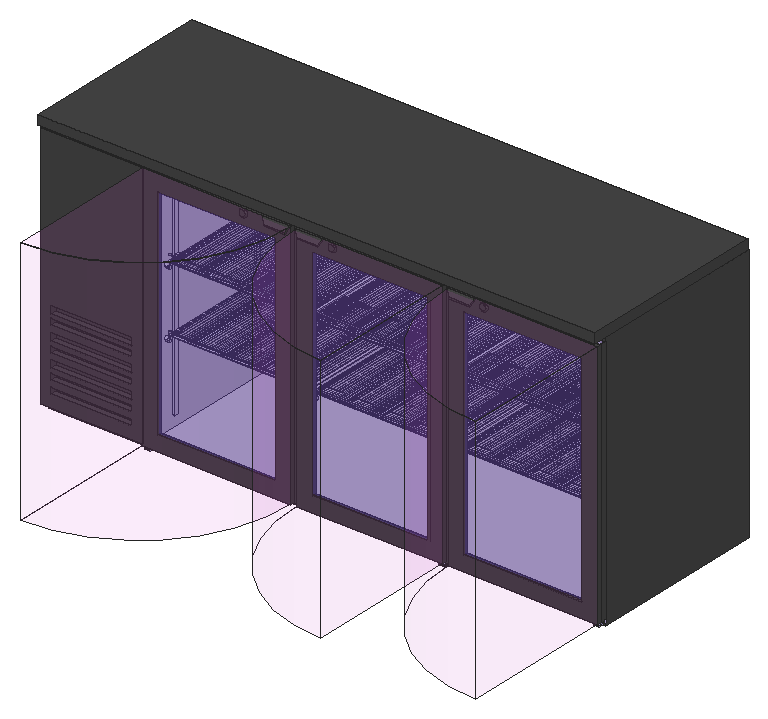
Revit family "QF_True_TBB24-72-3G-Z1-BST-B-1_Glass_Swing_Door_Back_Bar", category Specialty Equipment, Revit 2021 (continued)
Definition of nested family "TBB24-72-3G-Z1-BST-B-1"
  Forms (in)
    Extrusion 198, solid
      sketch origin (35.9745, 0, -8.5) x (1, 0, 0) y (0, 0, 1)
        loop
          circle (14.90115, 21.72801) r 0.03267
      from 4.97058 to 21.84523
    Extrusion 199, solid
      sketch origin (37.5051, 0, -8.5) x (1, 0, 0) y (0, 0, 1)
        loop
          circle (14.90115, 21.72801) r 0.03267
      from 4.97058 to 21.84523
    Extrusion 200, solid
      sketch origin (55.08845, 0, -8.5) x (1, 0, 0) y (0, 0, 1)
        loop
          circle (14.90115, 21.72801) r 0.03267
      from 4.97058 to 21.84523
    Extrusion 201, solid
      sketch origin (37.86394, 0, -8.5) x (1, 0, 0) y (0, 0, 1)
        loop
          circle (14.90115, 21.72801) r 0.03267
      from 4.97058 to 21.84523
    Extrusion 202, solid
      sketch origin (38.22279, 0, -8.5) x (1, 0, 0) y (0, 0, 1)
        loop
          circle (14.90115, 21.72801) r 0.03267
      from 4.97058 to 21.84523
    Extrusion 203, solid
      sketch origin (38.58163, 0, -8.5) x (1, 0, 0) y (0, 0, 1)
        loop
          circle (14.90115, 21.72801) r 0.03267
      from 4.97058 to 21.84523
    Extrusion 204, solid
      sketch origin (38.94047, 0, -8.5) x (1, 0, 0) y (0, 0, 1)
        loop
          circle (14.90115, 21.72801) r 0.03267
      from 4.97058 to 21.84523
    Extrusion 205, solid
      sketch origin (39.29932, 0, -8.5) x (1, 0, 0) y (0, 0, 1)
        loop
          circle (14.90115, 21.72801) r 0.03267
      from 4.97058 to 21.84523
    Extrusion 206, solid
      sketch origin (39.65816, 0, -8.5) x (1, 0, 0) y (0, 0, 1)
        loop
          circle (14.90115, 21.72801) r 0.03267
      from 4.97058 to 21.84523
    Extrusion 207, solid
      sketch origin (40.01701, 0, -8.5) x (1, 0, 0) y (0, 0, 1)
        loop
          circle (14.90115, 21.72801) r 0.03267
      from 4.97058 to 21.84523
    Extrusion 208, solid
      sketch origin (40.37585, 0, -8.5) x (1, 0, 0) y (0, 0, 1)
        loop
          circle (14.90115, 21.72801) r 0.03267
      from 4.97058 to 21.84523
    Extrusion 209, solid
      sketch origin (40.73469, 0, -8.5) x (1, 0, 0) y (0, 0, 1)
        loop
          circle (14.90115, 21.72801) r 0.03267
      from 4.97058 to 21.84523
    Extrusion 210, solid
      sketch origin (41.09354, 0, -8.5) x (1, 0, 0) y (0, 0, 1)
        loop
          circle (14.90115, 21.72801) r 0.03267
      from 4.97058 to 21.84523
    Extrusion 211, solid
      sketch origin (41.45238, 0, -8.5) x (1, 0, 0) y (0, 0, 1)
        loop
          circle (14.90115, 21.72801) r 0.03267
      from 4.97058 to 21.84523
    Extrusion 212, solid
      sketch origin (41.81122, 0, -8.5) x (1, 0, 0) y (0, 0, 1)
        loop
          circle (14.90115, 21.72801) r 0.03267
      from 4.97058 to 21.84523
    Extrusion 213, solid
      sketch origin (42.17007, 0, -8.5) x (1, 0, 0) y (0, 0, 1)
        loop
          circle (14.90115, 21.72801) r 0.03267
      from 4.97058 to 21.84523
    Extrusion 214, solid
      sketch origin (42.52891, 0, -8.5) x (1, 0, 0) y (0, 0, 1)
        loop
          circle (14.90115, 21.72801) r 0.03267
      from 4.97058 to 21.84523
    Extrusion 215, solid
      sketch origin (42.88776, 0, -8.5) x (1, 0, 0) y (0, 0, 1)
        loop
          circle (14.90115, 21.72801) r 0.03267
      from 4.97058 to 21.84523
    Extrusion 216, solid
      sketch origin (43.2466, 0, -8.5) x (1, 0, 0) y (0, 0, 1)
        loop
          circle (14.90115, 21.72801) r 0.03267
      from 4.97058 to 21.84523
    Extrusion 217, solid
      sketch origin (43.60544, 0, -8.5) x (1, 0, 0) y (0, 0, 1)
        loop
          circle (14.90115, 21.72801) r 0.03267
      from 4.97058 to 21.84523
    Extrusion 218, solid
      sketch origin (43.96429, 0, -8.5) x (1, 0, 0) y (0, 0, 1)
        loop
          circle (14.90115, 21.72801) r 0.03267
      from 4.97058 to 21.84523
    Extrusion 219, solid
      sketch origin (44.32313, 0, -8.5) x (1, 0, 0) y (0, 0, 1)
        loop
          circle (14.90115, 21.72801) r 0.03267
      from 4.97058 to 21.84523
    Extrusion 220, solid
      sketch origin (44.68198, 0, -8.5) x (1, 0, 0) y (0, 0, 1)
        loop
          circle (14.90115, 21.72801) r 0.03267
      from 4.97058 to 21.84523
    Extrusion 221, solid
      sketch origin (45.04082, 0, -8.5) x (1, 0, 0) y (0, 0, 1)
        loop
          circle (14.90115, 21.72801) r 0.03267
      from 4.97058 to 21.84523
    Extrusion 222, solid
      sketch origin (45.39966, 0, -8.5) x (1, 0, 0) y (0, 0, 1)
        loop
          circle (14.90115, 21.72801) r 0.03267
      from 4.97058 to 21.84523
    Extrusion 223, solid
      sketch origin (45.75851, 0, -8.5) x (1, 0, 0) y (0, 0, 1)
        loop
          circle (14.90115, 21.72801) r 0.03267
      from 4.97058 to 21.84523
    Extrusion 224, solid
      sketch origin (46.11735, 0, -8.5) x (1, 0, 0) y (0, 0, 1)
        loop
          circle (14.90115, 21.72801) r 0.03267
      from 4.97058 to 21.84523
    Extrusion 225, solid
      sketch origin (46.47619, 0, -8.5) x (1, 0, 0) y (0, 0, 1)
        loop
          circle (14.90115, 21.72801) r 0.03267
      from 4.97058 to 21.84523
    Extrusion 226, solid
      sketch origin (46.83504, 0, -8.5) x (1, 0, 0) y (0, 0, 1)
        loop
          circle (14.90115, 21.72801) r 0.03267
      from 4.97058 to 21.84523
    Extrusion 227, solid
      sketch origin (47.19388, 0, -8.5) x (1, 0, 0) y (0, 0, 1)
        loop
          circle (14.90115, 21.72801) r 0.03267
      from 4.97058 to 21.84523
    Extrusion 228, solid
      sketch origin (47.55273, 0, -8.5) x (1, 0, 0) y (0, 0, 1)
        loop
          circle (14.90115, 21.72801) r 0.03267
      from 4.97058 to 21.84523
    Extrusion 229, solid
      sketch origin (47.91157, 0, -8.5) x (1, 0, 0) y (0, 0, 1)
        loop
          circle (14.90115, 21.72801) r 0.03267
      from 4.97058 to 21.84523
    Extrusion 230, solid
      sketch origin (48.27041, 0, -8.5) x (1, 0, 0) y (0, 0, 1)
        loop
          circle (14.90115, 21.72801) r 0.03267
      from 4.97058 to 21.84523
    Extrusion 231, solid
      sketch origin (48.62926, 0, -8.5) x (1, 0, 0) y (0, 0, 1)
        loop
          circle (14.90115, 21.72801) r 0.03267
      from 4.97058 to 21.84523
    Extrusion 232, solid
      sketch origin (48.9881, 0, -8.5) x (1, 0, 0) y (0, 0, 1)
        loop
          circle (14.90115, 21.72801) r 0.03267
      from 4.97058 to 21.84523
    Extrusion 233, solid
      sketch origin (49.34695, 0, -8.5) x (1, 0, 0) y (0, 0, 1)
        loop
          circle (14.90115, 21.72801) r 0.03267
      from 4.97058 to 21.84523
    Extrusion 234, solid
      sketch origin (49.70579, 0, -8.5) x (1, 0, 0) y (0, 0, 1)
        loop
          circle (14.90115, 21.72801) r 0.03267
      from 4.97058 to 21.84523
    Extrusion 235, solid
      sketch origin (50.06463, 0, -8.5) x (1, 0, 0) y (0, 0, 1)
        loop
          circle (14.90115, 21.72801) r 0.03267
      from 4.97058 to 21.84523
    Extrusion 236, solid
      sketch origin (50.42348, 0, -8.5) x (1, 0, 0) y (0, 0, 1)
        loop
          circle (14.90115, 21.72801) r 0.03267
      from 4.97058 to 21.84523
    Extrusion 237, solid
      sketch origin (50.78232, 0, -8.5) x (1, 0, 0) y (0, 0, 1)
        loop
          circle (14.90115, 21.72801) r 0.03267
      from 4.97058 to 21.84523
    Extrusion 238, solid
      sketch origin (51.14116, 0, -8.5) x (1, 0, 0) y (0, 0, 1)
        loop
          circle (14.90115, 21.72801) r 0.03267
      from 4.97058 to 21.84523
    Extrusion 239, solid
      sketch origin (51.50001, 0, -8.5) x (1, 0, 0) y (0, 0, 1)
        loop
          circle (14.90115, 21.72801) r 0.03267
      from 4.97058 to 21.84523
    Extrusion 240, solid
      sketch origin (51.85885, 0, -8.5) x (1, 0, 0) y (0, 0, 1)
        loop
          circle (14.90115, 21.72801) r 0.03267
      from 4.97058 to 21.84523
    Extrusion 241, solid
      sketch origin (52.2177, 0, -8.5) x (1, 0, 0) y (0, 0, 1)
        loop
          circle (14.90115, 21.72801) r 0.03267
      from 4.97058 to 21.84523
    Extrusion 242, solid
      sketch origin (52.57654, 0, -8.5) x (1, 0, 0) y (0, 0, 1)
        loop
          circle (14.90115, 21.72801) r 0.03267
      from 4.97058 to 21.84523
    Extrusion 243, solid
      sketch origin (52.93538, 0, -8.5) x (1, 0, 0) y (0, 0, 1)
        loop
          circle (14.90115, 21.72801) r 0.03267
      from 4.97058 to 21.84523
    Extrusion 244, solid
      sketch origin (53.29423, 0, -8.5) x (1, 0, 0) y (0, 0, 1)
        loop
          circle (14.90115, 21.72801) r 0.03267
      from 4.97058 to 21.84523
    Extrusion 245, solid
      sketch origin (53.65307, 0, -8.5) x (1, 0, 0) y (0, 0, 1)
        loop
          circle (14.90115, 21.72801) r 0.03267
      from 4.97058 to 21.84523
    Extrusion 246, solid
      sketch origin (54.01191, 0, -8.5) x (1, 0, 0) y (0, 0, 1)
        loop
          circle (14.90115, 21.72801) r 0.03267
      from 4.97058 to 21.84523
    Extrusion 247, solid
      sketch origin (54.37076, 0, -8.5) x (1, 0, 0) y (0, 0, 1)
        loop
          circle (14.90115, 21.72801) r 0.03267
      from 4.97058 to 21.84523
    Extrusion 248, solid
      sketch origin (54.7296, 0, -8.5) x (1, 0, 0) y (0, 0, 1)
        loop
          circle (14.90115, 21.72801) r 0.03267
      from 4.97058 to 21.84523
    Extrusion 249, solid
      sketch origin (18.7788, 0, 0) x (1, 0, 0) y (0, 0, 1)
        loop
          circle (14.90115, 21.72801) r 0.03267
      from 4.97058 to 21.86282
    Extrusion 250, solid
      sketch origin (36.36215, 0, 0) x (1, 0, 0) y (0, 0, 1)
        loop
          circle (14.90115, 21.72801) r 0.03267
      from 4.97058 to 21.86282
    Extrusion 251, solid
      sketch origin (19.13764, 0, 0) x (1, 0, 0) y (0, 0, 1)
        loop
          circle (14.90115, 21.72801) r 0.03267
      from 4.97058 to 21.86282
    Extrusion 252, solid
      sketch origin (19.49649, 0, 0) x (1, 0, 0) y (0, 0, 1)
        loop
          circle (14.90115, 21.72801) r 0.03267
      from 4.97058 to 21.86282
    Extrusion 253, solid
      sketch origin (19.85533, 0, 0) x (1, 0, 0) y (0, 0, 1)
        loop
          circle (14.90115, 21.72801) r 0.03267
      from 4.97058 to 21.86282
    Extrusion 254, solid
      sketch origin (20.21417, 0, 0) x (1, 0, 0) y (0, 0, 1)
        loop
          circle (14.90115, 21.72801) r 0.03267
      from 4.97058 to 21.86282
    Extrusion 255, solid
      sketch origin (20.57302, 0, 0) x (1, 0, 0) y (0, 0, 1)
        loop
          circle (14.90115, 21.72801) r 0.03267
      from 4.97058 to 21.86282
    Extrusion 256, solid
      sketch origin (20.93186, 0, 0) x (1, 0, 0) y (0, 0, 1)
        loop
          circle (14.90115, 21.72801) r 0.03267
      from 4.97058 to 21.86282
    Extrusion 257, solid
      sketch origin (21.29071, 0, 0) x (1, 0, 0) y (0, 0, 1)
        loop
          circle (14.90115, 21.72801) r 0.03267
      from 4.97058 to 21.86282
    Extrusion 258, solid
      sketch origin (21.64955, 0, 0) x (1, 0, 0) y (0, 0, 1)
        loop
          circle (14.90115, 21.72801) r 0.03267
      from 4.97058 to 21.86282
    Extrusion 259, solid
      sketch origin (22.00839, 0, 0) x (1, 0, 0) y (0, 0, 1)
        loop
          circle (14.90115, 21.72801) r 0.03267
      from 4.97058 to 21.86282
    Extrusion 260, solid
      sketch origin (22.36724, 0, 0) x (1, 0, 0) y (0, 0, 1)
        loop
          circle (14.90115, 21.72801) r 0.03267
      from 4.97058 to 21.86282
    Extrusion 261, solid
      sketch origin (22.72608, 0, 0) x (1, 0, 0) y (0, 0, 1)
        loop
          circle (14.90115, 21.72801) r 0.03267
      from 4.97058 to 21.86282
    Extrusion 262, solid
      sketch origin (23.08493, 0, 0) x (1, 0, 0) y (0, 0, 1)
        loop
          circle (14.90115, 21.72801) r 0.03267
      from 4.97058 to 21.86282
    Extrusion 263, solid
      sketch origin (23.44377, 0, 0) x (1, 0, 0) y (0, 0, 1)
        loop
          circle (14.90115, 21.72801) r 0.03267
      from 4.97058 to 21.86282
    Extrusion 264, solid
      sketch origin (23.80261, 0, 0) x (1, 0, 0) y (0, 0, 1)
        loop
          circle (14.90115, 21.72801) r 0.03267
      from 4.97058 to 21.86282
    Extrusion 265, solid
      sketch origin (24.16146, 0, 0) x (1, 0, 0) y (0, 0, 1)
        loop
          circle (14.90115, 21.72801) r 0.03267
      from 4.97058 to 21.86282
    Extrusion 266, solid
      sketch origin (24.5203, 0, 0) x (1, 0, 0) y (0, 0, 1)
        loop
          circle (14.90115, 21.72801) r 0.03267
      from 4.97058 to 21.86282
    Extrusion 267, solid
      sketch origin (24.87914, 0, 0) x (1, 0, 0) y (0, 0, 1)
        loop
          circle (14.90115, 21.72801) r 0.03267
      from 4.97058 to 21.86282
    Extrusion 268, solid
      sketch origin (25.23799, 0, 0) x (1, 0, 0) y (0, 0, 1)
        loop
          circle (14.90115, 21.72801) r 0.03267
      from 4.97058 to 21.86282
    Extrusion 269, solid
      sketch origin (25.59683, 0, 0) x (1, 0, 0) y (0, 0, 1)
        loop
          circle (14.90115, 21.72801) r 0.03267
      from 4.97058 to 21.86282
    Extrusion 270, solid
      sketch origin (25.95568, 0, 0) x (1, 0, 0) y (0, 0, 1)
        loop
          circle (14.90115, 21.72801) r 0.03267
      from 4.97058 to 21.86282
    Extrusion 271, solid
      sketch origin (26.31452, 0, 0) x (1, 0, 0) y (0, 0, 1)
        loop
          circle (14.90115, 21.72801) r 0.03267
      from 4.97058 to 21.86282
    Extrusion 272, solid
      sketch origin (26.67336, 0, 0) x (1, 0, 0) y (0, 0, 1)
        loop
          circle (14.90115, 21.72801) r 0.03267
      from 4.97058 to 21.86282
    Extrusion 273, solid
      sketch origin (27.03221, 0, 0) x (1, 0, 0) y (0, 0, 1)
        loop
          circle (14.90115, 21.72801) r 0.03267
      from 4.97058 to 21.86282
    Extrusion 274, solid
      sketch origin (27.39105, 0, 0) x (1, 0, 0) y (0, 0, 1)
        loop
          circle (14.90115, 21.72801) r 0.03267
      from 4.97058 to 21.86282
    Extrusion 275, solid
      sketch origin (27.7499, 0, 0) x (1, 0, 0) y (0, 0, 1)
        loop
          circle (14.90115, 21.72801) r 0.03267
      from 4.97058 to 21.86282
    Extrusion 276, solid
      sketch origin (28.10874, 0, 0) x (1, 0, 0) y (0, 0, 1)
        loop
          circle (14.90115, 21.72801) r 0.03267
      from 4.97058 to 21.86282
    Extrusion 277, solid
      sketch origin (28.46758, 0, 0) x (1, 0, 0) y (0, 0, 1)
        loop
          circle (14.90115, 21.72801) r 0.03267
      from 4.97058 to 21.86282
    Extrusion 278, solid
      sketch origin (28.82643, 0, 0) x (1, 0, 0) y (0, 0, 1)
        loop
          circle (14.90115, 21.72801) r 0.03267
      from 4.97058 to 21.86282
    Extrusion 279, solid
      sketch origin (29.18527, 0, 0) x (1, 0, 0) y (0, 0, 1)
        loop
          circle (14.90115, 21.72801) r 0.03267
      from 4.97058 to 21.86282
    Extrusion 280, solid
      sketch origin (29.54411, 0, 0) x (1, 0, 0) y (0, 0, 1)
        loop
          circle (14.90115, 21.72801) r 0.03267
      from 4.97058 to 21.86282
    Extrusion 281, solid
      sketch origin (29.90296, 0, 0) x (1, 0, 0) y (0, 0, 1)
        loop
          circle (14.90115, 21.72801) r 0.03267
      from 4.97058 to 21.86282
    Extrusion 282, solid
      sketch origin (30.2618, 0, 0) x (1, 0, 0) y (0, 0, 1)
        loop
          circle (14.90115, 21.72801) r 0.03267
      from 4.97058 to 21.86282
    Extrusion 283, solid
      sketch origin (30.62065, 0, 0) x (1, 0, 0) y (0, 0, 1)
        loop
          circle (14.90115, 21.72801) r 0.03267
      from 4.97058 to 21.86282
    Extrusion 284, solid
      sketch origin (30.97949, 0, 0) x (1, 0, 0) y (0, 0, 1)
        loop
          circle (14.90115, 21.72801) r 0.03267
      from 4.97058 to 21.86282
    Extrusion 285, solid
      sketch origin (31.33833, 0, 0) x (1, 0, 0) y (0, 0, 1)
        loop
          circle (14.90115, 21.72801) r 0.03267
      from 4.97058 to 21.86282
    Extrusion 286, solid
      sketch origin (31.69718, 0, 0) x (1, 0, 0) y (0, 0, 1)
        loop
          circle (14.90115, 21.72801) r 0.03267
      from 4.97058 to 21.86282
    Extrusion 287, solid
      sketch origin (32.05602, 0, 0) x (1, 0, 0) y (0, 0, 1)
        loop
          circle (14.90115, 21.72801) r 0.03267
      from 4.97058 to 21.86282
    Extrusion 288, solid
      sketch origin (32.41486, 0, 0) x (1, 0, 0) y (0, 0, 1)
        loop
          circle (14.90115, 21.72801) r 0.03267
      from 4.97058 to 21.86282
    Extrusion 289, solid
      sketch origin (32.77371, 0, 0) x (1, 0, 0) y (0, 0, 1)
        loop
          circle (14.90115, 21.72801) r 0.03267
      from 4.97058 to 21.86282
    Extrusion 290, solid
      sketch origin (33.13255, 0, 0) x (1, 0, 0) y (0, 0, 1)
        loop
          circle (14.90115, 21.72801) r 0.03267
      from 4.97058 to 21.86282
    Extrusion 291, solid
      sketch origin (33.4914, 0, 0) x (1, 0, 0) y (0, 0, 1)
        loop
          circle (14.90115, 21.72801) r 0.03267
      from 4.97058 to 21.86282
    Extrusion 292, solid
      sketch origin (33.85024, 0, 0) x (1, 0, 0) y (0, 0, 1)
        loop
          circle (14.90115, 21.72801) r 0.03267
      from 4.97058 to 21.86282
    Extrusion 293, solid
      sketch origin (34.20908, 0, 0) x (1, 0, 0) y (0, 0, 1)
        loop
          circle (14.90115, 21.72801) r 0.03267
      from 4.97058 to 21.86282
    Extrusion 294, solid
      sketch origin (34.56793, 0, 0) x (1, 0, 0) y (0, 0, 1)
        loop
          circle (14.90115, 21.72801) r 0.03267
      from 4.97058 to 21.86282
    Extrusion 295, solid
      sketch origin (34.92677, 0, 0) x (1, 0, 0) y (0, 0, 1)
        loop
          circle (14.90115, 21.72801) r 0.03267
      from 4.97058 to 21.86282
    Extrusion 296, solid
      sketch origin (35.28562, 0, 0) x (1, 0, 0) y (0, 0, 1)
        loop
          circle (14.90115, 21.72801) r 0.03267
      from 4.97058 to 21.86282
    Extrusion 297, solid
      sketch origin (35.64446, 0, 0) x (1, 0, 0) y (0, 0, 1)
        loop
          circle (14.90115, 21.72801) r 0.03267
      from 4.97058 to 21.86282
    Extrusion 298, solid
      sketch origin (36.0033, 0, 0) x (1, 0, 0) y (0, 0, 1)
        loop
          circle (14.90115, 21.72801) r 0.03267
      from 4.97058 to 21.86282
    Extrusion 299, solid
      sketch origin (37.5051, 0, 0) x (1, 0, 0) y (0, 0, 1)
        loop
          circle (14.90115, 21.72801) r 0.03267
      from 4.97058 to 21.86282
    Extrusion 300, solid
      sketch origin (55.08845, 0, 0) x (1, 0, 0) y (0, 0, 1)
        loop
          circle (14.90115, 21.72801) r 0.03267
      from 4.97058 to 21.86282
    Extrusion 301, solid
      sketch origin (37.86394, 0, 0) x (1, 0, 0) y (0, 0, 1)
        loop
          circle (14.90115, 21.72801) r 0.03267
      from 4.97058 to 21.86282
    Extrusion 302, solid
      sketch origin (38.22279, 0, 0) x (1, 0, 0) y (0, 0, 1)
        loop
          circle (14.90115, 21.72801) r 0.03267
      from 4.97058 to 21.86282
    Extrusion 303, solid
      sketch origin (38.58163, 0, 0) x (1, 0, 0) y (0, 0, 1)
        loop
          circle (14.90115, 21.72801) r 0.03267
      from 4.97058 to 21.86282
    Extrusion 304, solid
      sketch origin (38.94047, 0, 0) x (1, 0, 0) y (0, 0, 1)
        loop
          circle (14.90115, 21.72801) r 0.03267
      from 4.97058 to 21.86282
    Extrusion 305, solid
      sketch origin (39.29932, 0, 0) x (1, 0, 0) y (0, 0, 1)
        loop
          circle (14.90115, 21.72801) r 0.03267
      from 4.97058 to 21.86282
    Extrusion 306, solid
      sketch origin (39.65816, 0, 0) x (1, 0, 0) y (0, 0, 1)
        loop
          circle (14.90115, 21.72801) r 0.03267
      from 4.97058 to 21.86282
    Extrusion 307, solid
      sketch origin (40.01701, 0, 0) x (1, 0, 0) y (0, 0, 1)
        loop
          circle (14.90115, 21.72801) r 0.03267
      from 4.97058 to 21.86282
    Extrusion 308, solid
      sketch origin (40.37585, 0, 0) x (1, 0, 0) y (0, 0, 1)
        loop
          circle (14.90115, 21.72801) r 0.03267
      from 4.97058 to 21.86282
    Extrusion 309, solid
      sketch origin (40.73469, 0, 0) x (1, 0, 0) y (0, 0, 1)
        loop
          circle (14.90115, 21.72801) r 0.03267
      from 4.97058 to 21.86282
    Extrusion 310, solid
      sketch origin (41.09354, 0, 0) x (1, 0, 0) y (0, 0, 1)
        loop
          circle (14.90115, 21.72801) r 0.03267
      from 4.97058 to 21.86282
    Extrusion 311, solid
      sketch origin (41.45238, 0, 0) x (1, 0, 0) y (0, 0, 1)
        loop
          circle (14.90115, 21.72801) r 0.03267
      from 4.97058 to 21.86282
    Extrusion 312, solid
      sketch origin (41.81122, 0, 0) x (1, 0, 0) y (0, 0, 1)
        loop
          circle (14.90115, 21.72801) r 0.03267
      from 4.97058 to 21.86282
    Extrusion 313, solid
      sketch origin (42.17007, 0, 0) x (1, 0, 0) y (0, 0, 1)
        loop
          circle (14.90115, 21.72801) r 0.03267
      from 4.97058 to 21.86282
    Extrusion 314, solid
      sketch origin (42.52891, 0, 0) x (1, 0, 0) y (0, 0, 1)
        loop
          circle (14.90115, 21.72801) r 0.03267
      from 4.97058 to 21.86282
    Extrusion 315, solid
      sketch origin (42.88776, 0, 0) x (1, 0, 0) y (0, 0, 1)
        loop
          circle (14.90115, 21.72801) r 0.03267
      from 4.97058 to 21.86282
    Extrusion 316, solid
      sketch origin (43.2466, 0, 0) x (1, 0, 0) y (0, 0, 1)
        loop
          circle (14.90115, 21.72801) r 0.03267
      from 4.97058 to 21.86282
    Extrusion 317, solid
      sketch origin (43.60544, 0, 0) x (1, 0, 0) y (0, 0, 1)
        loop
          circle (14.90115, 21.72801) r 0.03267
      from 4.97058 to 21.86282
    Extrusion 318, solid
      sketch origin (43.96429, 0, 0) x (1, 0, 0) y (0, 0, 1)
        loop
          circle (14.90115, 21.72801) r 0.03267
      from 4.97058 to 21.86282
    Extrusion 319, solid
      sketch origin (44.32313, 0, 0) x (1, 0, 0) y (0, 0, 1)
        loop
          circle (14.90115, 21.72801) r 0.03267
      from 4.97058 to 21.86282
    Extrusion 320, solid
      sketch origin (44.68198, 0, 0) x (1, 0, 0) y (0, 0, 1)
        loop
          circle (14.90115, 21.72801) r 0.03267
      from 4.97058 to 21.86282
    Extrusion 321, solid
      sketch origin (45.04082, 0, 0) x (1, 0, 0) y (0, 0, 1)
        loop
          circle (14.90115, 21.72801) r 0.03267
      from 4.97058 to 21.86282
    Extrusion 322, solid
      sketch origin (45.39966, 0, 0) x (1, 0, 0) y (0, 0, 1)
        loop
          circle (14.90115, 21.72801) r 0.03267
      from 4.97058 to 21.86282
    Extrusion 323, solid
      sketch origin (45.75851, 0, 0) x (1, 0, 0) y (0, 0, 1)
        loop
          circle (14.90115, 21.72801) r 0.03267
      from 4.97058 to 21.86282
    Extrusion 324, solid
      sketch origin (46.11735, 0, 0) x (1, 0, 0) y (0, 0, 1)
        loop
          circle (14.90115, 21.72801) r 0.03267
      from 4.97058 to 21.86282
    Extrusion 325, solid
      sketch origin (46.47619, 0, 0) x (1, 0, 0) y (0, 0, 1)
        loop
          circle (14.90115, 21.72801) r 0.03267
      from 4.97058 to 21.86282
    Extrusion 326, solid
      sketch origin (46.83504, 0, 0) x (1, 0, 0) y (0, 0, 1)
        loop
          circle (14.90115, 21.72801) r 0.03267
      from 4.97058 to 21.86282
    Extrusion 327, solid
      sketch origin (47.19388, 0, 0) x (1, 0, 0) y (0, 0, 1)
        loop
          circle (14.90115, 21.72801) r 0.03267
      from 4.97058 to 21.86282
    Extrusion 328, solid
      sketch origin (47.55273, 0, 0) x (1, 0, 0) y (0, 0, 1)
        loop
          circle (14.90115, 21.72801) r 0.03267
      from 4.97058 to 21.86282
    Extrusion 329, solid
      sketch origin (47.91157, 0, 0) x (1, 0, 0) y (0, 0, 1)
        loop
          circle (14.90115, 21.72801) r 0.03267
      from 4.97058 to 21.86282
    Extrusion 330, solid
      sketch origin (48.27041, 0, 0) x (1, 0, 0) y (0, 0, 1)
        loop
          circle (14.90115, 21.72801) r 0.03267
      from 4.97058 to 21.86282
    Extrusion 331, solid
      sketch origin (48.62926, 0, 0) x (1, 0, 0) y (0, 0, 1)
        loop
          circle (14.90115, 21.72801) r 0.03267
      from 4.97058 to 21.86282
    Extrusion 332, solid
      sketch origin (48.9881, 0, 0) x (1, 0, 0) y (0, 0, 1)
        loop
          circle (14.90115, 21.72801) r 0.03267
      from 4.97058 to 21.86282
    Extrusion 333, solid
      sketch origin (49.34695, 0, 0) x (1, 0, 0) y (0, 0, 1)
        loop
          circle (14.90115, 21.72801) r 0.03267
      from 4.97058 to 21.86282
    Extrusion 334, solid
      sketch origin (49.70579, 0, 0) x (1, 0, 0) y (0, 0, 1)
        loop
          circle (14.90115, 21.72801) r 0.03267
      from 4.97058 to 21.86282
    Extrusion 335, solid
      sketch origin (50.06463, 0, 0) x (1, 0, 0) y (0, 0, 1)
        loop
          circle (14.90115, 21.72801) r 0.03267
      from 4.97058 to 21.86282
    Extrusion 336, solid
      sketch origin (50.42348, 0, 0) x (1, 0, 0) y (0, 0, 1)
        loop
          circle (14.90115, 21.72801) r 0.03267
      from 4.97058 to 21.86282
    Extrusion 337, solid
      sketch origin (50.78232, 0, 0) x (1, 0, 0) y (0, 0, 1)
        loop
          circle (14.90115, 21.72801) r 0.03267
      from 4.97058 to 21.86282
    Extrusion 338, solid
      sketch origin (51.14116, 0, 0) x (1, 0, 0) y (0, 0, 1)
        loop
          circle (14.90115, 21.72801) r 0.03267
      from 4.97058 to 21.86282
    Extrusion 339, solid
      sketch origin (51.50001, 0, 0) x (1, 0, 0) y (0, 0, 1)
        loop
          circle (14.90115, 21.72801) r 0.03267
      from 4.97058 to 21.86282
    Extrusion 340, solid
      sketch origin (51.85885, 0, 0) x (1, 0, 0) y (0, 0, 1)
        loop
          circle (14.90115, 21.72801) r 0.03267
      from 4.97058 to 21.86282
    Extrusion 341, solid
      sketch origin (52.2177, 0, 0) x (1, 0, 0) y (0, 0, 1)
        loop
          circle (14.90115, 21.72801) r 0.03267
      from 4.97058 to 21.86282
    Extrusion 342, solid
      sketch origin (52.57654, 0, 0) x (1, 0, 0) y (0, 0, 1)
        loop
          circle (14.90115, 21.72801) r 0.03267
      from 4.97058 to 21.86282
    Extrusion 343, solid
      sketch origin (52.93538, 0, 0) x (1, 0, 0) y (0, 0, 1)
        loop
          circle (14.90115, 21.72801) r 0.03267
      from 4.97058 to 21.86282
    Extrusion 344, solid
      sketch origin (53.29423, 0, 0) x (1, 0, 0) y (0, 0, 1)
        loop
          circle (14.90115, 21.72801) r 0.03267
      from 4.97058 to 21.86282
    Extrusion 345, solid
      sketch origin (53.65307, 0, 0) x (1, 0, 0) y (0, 0, 1)
        loop
          circle (14.90115, 21.72801) r 0.03267
      from 4.97058 to 21.86282
    Extrusion 346, solid
      sketch origin (54.01191, 0, 0) x (1, 0, 0) y (0, 0, 1)
        loop
          circle (14.90115, 21.72801) r 0.03267
      from 4.97058 to 21.86282
    Extrusion 347, solid
      sketch origin (54.37076, 0, 0) x (1, 0, 0) y (0, 0, 1)
        loop
          circle (14.90115, 21.72801) r 0.03267
      from 4.97058 to 21.86282
    Extrusion 348, solid
      sketch origin (54.7296, 0, 0) x (1, 0, 0) y (0, 0, 1)
        loop
          circle (14.90115, 21.72801) r 0.03267
      from 4.97058 to 21.86282
    Extrusion 349, solid, material <- "Door Finish"
      sketch origin (20.43039, -23.09422, 33.46875) x (0, 0, -1) y (1, 0, 0)
        loop
          line (0.5625, 12.35291) -> (32.78125, 12.35291) -> (32.78125, 31.97791) -> (0.5625, 31.97791) -> (0.5625, 12.35291)
        loop
          line (31.78125, 13.35291) -> (31.78125, 30.97791) -> (1.5625, 30.97791) -> (1.5625, 13.35291) -> (31.78125, 13.35291)
      from 0 to 0.80663
    Blend 350, solid, material <- "Door Finish"
      base sketch origin (63.88621, -24.3696, 33.46875) x (0, 0, -1) y (1, 0, 0)
        loop
          circle (1.15564, -26.16355) r 0.5
      top sketch origin (63.88621, -24.3696, 33.46875) x (0, 0, -1) y (1, 0, 0)
        loop
          circle (1.15564, -26.16355) r 0.39938
      from 0 to 0.12886
    Extrusion 351, solid, material <- "Door Finish"
      sketch origin (64.76326, -23.90085, 33.46875) x (0, 0, -1) y (1, 0, 0)
        loop
          line (0.5625, -12.72791) -> (0.5625, -31.60291) -> (32.78125, -31.60291) -> (32.78125, -12.72791) -> (0.5625, -12.72791)
        loop
          line (2.5625, -29.60291) -> (30.78125, -29.60291) -> (30.78125, -14.72791) -> (2.5625, -14.72791) -> (2.5625, -29.60291)
      from 0 to 0.46875
    Extrusion 352, solid, material <- "Door Finish"
      sketch origin (40.05334, -23.90085, 33.46875) x (0, 0, -1) y (1, 0, 0)
        loop
          line (0.5625, 12.72791) -> (32.78125, 12.72791) -> (32.78125, 31.97791) -> (0.5625, 31.97791) -> (0.5625, 12.72791)
        loop
          line (2.5625, 29.97791) -> (2.5625, 14.72791) -> (30.78125, 14.72791) -> (30.78125, 29.97791) -> (2.5625, 29.97791)
      from 0 to 0.46875
    Extrusion 353, solid, material <- "Door Finish"
      sketch origin (32.40625, -23.52159, 32.30626) x (0, 0, -1) y (0, 1, 0)
        loop
          line (-0.59999, -0.09801) -> (-0.72499, -0.09801) -> (-0.72499, -1.07258) -> (-0.25659, -1.82216) -> (-0.1092, -1.82216) -> (-0.59999, -1.03673) -> (-0.59999, -0.09801)
      from 0 to -3.5
    Extrusion 354, void
      sketch origin (32.40625, -24.59416, 33.03125) x (0, 0.848048, 0.529919) y (1, 0, 0)
        loop
          line (0, -3.5) -> (-1.1776, -2.4866) -> (-1.1776, -3.5) -> (0, -3.5)
      from 0 to 0.25
    Extrusion 355, solid, material <- "Door Finish"
      sketch origin (36.66035, -23.52159, 32.30626) x (0, 0, -1) y (0, 1, 0)
        loop
          line (-0.59999, -0.09801) -> (-0.72499, -0.09801) -> (-0.72499, -1.07258) -> (-0.25659, -1.82216) -> (-0.1092, -1.82216) -> (-0.59999, -1.03673) -> (-0.59999, -0.09801)
      from 0 to -3.5
    Extrusion 356, void
      sketch origin (36.66035, -24.59416, 33.03125) x (0, 0.848048, 0.529919) y (1, 0, 0)
        loop
          line (0, -3.5) -> (-1.1776, -2.4866) -> (-1.1776, -3.5) -> (0, -3.5)
      from 0 to 0.25
    Extrusion 357, solid, material <- "Door Finish"
      sketch origin (56.28125, -23.52159, 32.30626) x (0, 0, -1) y (0, 1, 0)
        loop
          line (-0.59999, -0.09801) -> (-0.72499, -0.09801) -> (-0.72499, -1.07258) -> (-0.25659, -1.82216) -> (-0.1092, -1.82216) -> (-0.59999, -1.03673) -> (-0.59999, -0.09801)
      from 0 to -3.5
    Extrusion 358, void
      sketch origin (56.28125, -24.59416, 33.03125) x (0, 0.848048, 0.529919) y (1, 0, 0)
        loop
          line (0, -3.5) -> (-1.1776, -2.4866) -> (-1.1776, -3.5) -> (0, -3.5)
      from 0 to 0.25
    Extrusion 359, solid
      sketch origin (15.15625, -23.90085, 2.6875) x (1, 0, 0) y (0, 1, 0)
        loop
          line (15.25, -0.10938) -> (0, -0.10938) -> (0, -0.35938) -> (15.25, -0.35938) -> (15.25, -0.10938)
      from 0 to 28.21875
    Extrusion 360, solid
      sketch origin (35.16035, -23.90085, 2.6875) x (1, 0, 0) y (0, 1, 0)
        loop
          line (15.25, -0.10938) -> (0, -0.10938) -> (0, -0.35938) -> (15.25, -0.35938) -> (15.25, -0.10938)
      from 0 to 28.21875
    Extrusion 361, solid
      sketch origin (54.78125, -23.90085, 2.6875) x (1, 0, 0) y (0, 1, 0)
        loop
          line (15.25, -0.10938) -> (0, -0.10938) -> (0, -0.35938) -> (15.25, -0.35938) -> (15.25, -0.10938)
      from 0 to 28.21875
    Extrusion 362, solid, visible <- "Show Door Clearance"
      sketch origin (52.78125, -23.90085, 0.6875) x (0, -1, 0) y (-1, 0, 0)
        loop
          arc (0.46875, 20.375) -> (14.39589, 25.83841) -> (20.20484, 39.625) r 19.25
          line (20.20484, 39.625) -> (0.46875, 39.625) -> (0.46875, 20.375)
      from 0 to -32.21875
    Extrusion 363, solid, visible <- "Show Door Clearance"
      sketch origin (52.78125, -23.90085, 0.6875) x (0, -1, 0) y (-1, 0, 0)
        loop
          line (0.46875, 19.61367) -> (0.46875, 0.7459) -> (20.1929, 0.7459)
          arc (20.1929, 0.7459) -> (14.26761, 14.29526) -> (0.46875, 19.61367) r 19.19983
        loop
          line (0.46875, 0) -> (0.46875, -19.25) -> (20.19556, -19.25)
          arc (20.19556, -19.25) -> (14.40507, -5.45121) -> (0.46875, 0) r 19.19983
      from 0 to -32.21875
  Cuts and joins
    Extrusion 4, Extrusion 10 cuts Extrusion 2
    Extrusion 4 cuts Extrusion 3
    Extrusion 10 cuts Extrusion 8
    joined: Extrusion 8, Extrusion 11
    Extrusion 10 cuts Extrusion 9
    joined: Extrusion 14, Extrusion 15
    Extrusion 354, Extrusion 356 cuts Extrusion 353
    Extrusion 356, Extrusion 358 cuts Extrusion 355
    Extrusion 358 cuts Extrusion 357
  Lines and regions (in)
    Split face 1
      outline origin (0, 0.03125, 0) x (0, 0, 1) y (1, 0, 0)
        loop
          line (18.17708, 10.7061) -> (3.09519, 10.7061) -> (3.09519, 0.9561) -> (18.17708, 0.9561) -> (18.17708, 10.7061)
    Split face 2
      outline origin (0, -24.3696, 32.90625) x (-1, 0, 0) y (0, 0, -1)
        loop
          line (-2.26866, 1.36126) -> (-2.26866, 2.86126) -> (-10.572, 2.86126) -> (-10.572, 1.36126) -> (-2.26866, 1.36126)
    symbolic lines
      curve 1: line (72.03125, 0, 0) -> (0, 0, 0)
      curve 2: line (0, 0, 0) -> (0, -24.875, 0)
      curve 3: line (72.03125, -24.875, 0) -> (72.03125, 0, 0)
      curve 8: line (0, -24.875, 0) -> (72.03125, -24.875, 0)
      curve 11: line (29.73411, -25.34375, 0) -> (29.26536, -24.875, 0)
      curve 12: line (29.73411, -25.34375, 0) -> (32.40625, -25.34375, 0)
      curve 13: line (32.40625, -24.875, 0) -> (32.40625, -25.34375, 0)
      curve 14: line (33.98129, -25.34375, 0) -> (33.51254, -24.875, 0)
      curve 15: line (33.98129, -25.34375, 0) -> (36.65343, -25.34375, 0)
      curve 16: line (36.65343, -24.875, 0) -> (36.65343, -25.34375, 0)
      curve 17: line (53.6022, -25.34375, 0) -> (53.13345, -24.875, 0)
      curve 18: line (53.6022, -25.34375, 0) -> (56.27433, -25.34375, 0)
      curve 19: line (56.27433, -24.875, 0) -> (56.27433, -25.34375, 0)
    symbolic lines, visible <- "Show Door Clearance"
      curve 4: arc (32.41238, -24.875, 0) -> (31.69762, -30.05258, 0) -> (29.61643, -34.84704, 0) r 19.25
      curve 5: arc (35.64278, -34.33925, 0) -> (33.78857, -29.76791, 0) -> (33.16036, -24.875, 0) r 19.19983
      curve 6: arc (55.35127, -34.50519, 0) -> (53.42671, -29.86028, 0) -> (52.77403, -24.875, 0) r 19.19983
      curve 7: line (13.15625, -25.34375, 0) -> (29.61643, -34.84704, 0)
      curve 9: line (52.03535, -24.875, 0) -> (35.64278, -34.33925, 0)
      curve 10: line (72.03125, -24.875, 0) -> (55.35127, -34.50519, 0)
  Dimensions and locks (in)
    equal spacing: plane 3 "LEFT", plane 7 "Center Y", plane 4 "RIGHT"
    "Length": plane 3 "LEFT" to plane 4 "RIGHT"
    equal spacing: plane 5 "FRONT", plane 8 "Center X", plane 1 "BACK"
    "Depth": plane 5 "FRONT" to plane 1 "BACK"
    "Height": plane 6 "TOP" to level
    plane 5 "FRONT" to plane 1 "BACK" = 25 11/32"
    plane 9 to plane 1 "BACK" = 44 3/32"
    plane 5 "FRONT" to plane 9 = 18 3/4"
    plane 1 "BACK" to plane 10 = 24 7/8"
    equal spacing: group 52, group 54, group 55, group 56, group 57, group 58, group 59, group 60, group 61, group 62, group 63, group 64, group 65, group 66, group 67, group 68, group 69, group 70, group 71, group 72, group 73, group 74, group 75, group 76, group 77, group 78, group 79, group 80, group 81, group 82, group 83, group 84, group 85, group 86, group 87, group 88, group 89, group 90, group 91, group 92, group 93, group 94, group 95, group 96, group 97, group 98, group 99, group 100, group 101, group 53  (x3)
    aligned and locked: level to plane 2
  Automatic sketch dimensions
    Extrusion 1 sketch curve to plane 3 "LEFT" = 0"
    plane 4 "RIGHT" to Extrusion 1 sketch curve = 0"
    Extrusion 1 sketch curve to plane 6 "TOP" = 0"
    Extrusion 1 sketch curve to plane 6 "TOP" = 1 1/4"
    Extrusion 2 sketch curve to level = 0"
    Extrusion 2 sketch curve to plane 1 "BACK" = 0"
    Extrusion 2 sketch curve to plane 14 = 1.24899"
    Extrusion 2 sketch curve to plane 6 "TOP" = 1 1/4"
    Extrusion 3 sketch curve to Extrusion 2 = 0"
    Extrusion 3 sketch curve to Extrusion 2 = 9/16"
    Extrusion 3 sketch curve to Extrusion 2 = 0.97992"
    Extrusion 2 to Extrusion 3 sketch curve = 13 5/32"
    Extrusion 3 to Extrusion 4 sketch curve = 1.61339"
    Extrusion 4 sketch curve to Extrusion 4 sketch curve = 0.82714"  (x4)
    Extrusion 4 sketch curve to Extrusion 4 sketch curve = 0.79786"
    Extrusion 4 sketch curve to Extrusion 4 sketch curve = 0.57908"  (x2)
    Extrusion 4 sketch curve to Extrusion 4 sketch curve = 1"  (x3)
    Extrusion 4 sketch curve to Extrusion 4 sketch curve = 0.71878"
    Extrusion 4 sketch curve to Extrusion 4 sketch curve = 0.84378"
    Extrusion 4 sketch curve to Extrusion 4 sketch curve = 0.45408"
    Extrusion 3 to Extrusion 4 sketch curve = 1.27626"  (x2)
    Extrusion 4 sketch curve to Extrusion 4 sketch curve = 0"  (x11)
    Extrusion 3 to Extrusion 4 sketch curve = 1.32665"
    Extrusion 5 sketch curve to Extrusion 2 = 0"
    Extrusion 2 to Extrusion 5 sketch curve = 9/16"
    Extrusion 5 sketch curve to Extrusion 5 sketch curve = 3/4"  (x3)
    Extrusion 5 sketch curve to Extrusion 2 = 13.59037"
    Extrusion 2 to Extrusion 5 sketch curve = 3/4"
    Extrusion 5 sketch curve to Extrusion 5 sketch curve = 0"  (x2)
    Extrusion 5 sketch curve to Extrusion 5 sketch curve = 0.44096"
    Extrusion 5 sketch curve to Extrusion 5 sketch curve = 4.44897"
    Extrusion 5 sketch curve to Extrusion 5 sketch curve = 10.52264"
    Split face 1 sketch curve to Extrusion 5 = 2.53269"
    Split face 1 sketch curve to Extrusion 5 = 2.4513"
    Split face 1 sketch curve to Extrusion 5 = 0.9561"
    Split face 1 sketch curve to Extrusion 5 = 1.31655"
    Extrusion 6 sketch curve to Extrusion 5 = 0.05904"
    Extrusion 5 to Extrusion 6 sketch curve = 0.19096"  (x2)
    Extrusion 6 sketch curve to Extrusion 5 = 0.31699"  (x2)
    Extrusion 6 sketch curve to Extrusion 6 sketch curve = 1/2"  (x2)
    Extrusion 6 sketch curve to Extrusion 6 sketch curve = 1/4"
    Extrusion 6 sketch curve to Extrusion 6 sketch curve = 0.43301"  (x2)
    Extrusion 7 sketch curve to Extrusion 5 = 0.72262"
    Extrusion 7 sketch curve to Extrusion 5 = 1.73005"
    Split face 2 sketch curve to cut or joined group of Extrusion 3, Extrusion 4 = 1.2576"
    Split face 2 sketch curve to cut or joined group of Extrusion 3, Extrusion 4 = 0.9924"
    Split face 2 sketch curve to cut or joined group of Extrusion 3, Extrusion 4 = 1.36126"
    Split face 2 sketch curve to Split face 2 sketch curve = 1 1/2"
    Extrusion 8 sketch curve to Extrusion 2 = 9/16"
    Extrusion 8 sketch curve to Extrusion 8 sketch curve = 1"  (x3)
    Extrusion 8 sketch curve to Extrusion 2 = 1 11/16"
    Extrusion 8 sketch curve to Extrusion 2 = 11/16"
    Extrusion 2 to Extrusion 8 sketch curve = 13 5/32"
    Extrusion 8 sketch curve to Extrusion 8 sketch curve = 17 5/8"
    Extrusion 2 to Extrusion 9 sketch curve = 0"
    Extrusion 9 sketch curve to Extrusion 2 = 9/16"
    Extrusion 9 sketch curve to Extrusion 9 sketch curve = 1"
    Extrusion 9 sketch curve to Extrusion 2 = 1 11/16"
    Extrusion 9 sketch curve to Extrusion 2 = 11/16"
    Extrusion 2 to Extrusion 9 sketch curve = 1"
    Extrusion 9 sketch curve to Extrusion 9 sketch curve = 17 3/16"
    Extrusion 9 sketch curve to Extrusion 9 sketch curve = 1.43545"
    Extrusion 10 sketch curve to plane 12 = 251/256"
    plane 4 "RIGHT" to Extrusion 10 sketch curve = 1 133/256"
    Extrusion 10 sketch curve to plane 14 = 1.24899"
    plane 1 "BACK" to Extrusion 10 sketch curve = 4.34422"
    Extrusion 11 sketch curve to Extrusion 8 = 0"  (x2)
    Extrusion 8 to Extrusion 11 sketch curve = 0"
    Extrusion 8 to Extrusion 11 sketch curve = 1"  (x3)
    Extrusion 8 to Extrusion 11 sketch curve = 1 3/8"
    Extrusion 11 sketch curve to Extrusion 8 = 3/8"
    Blend 12 sketch curve to Extrusion 11 = 0.59314"  (x2)
    Extrusion 11 to Blend 12 sketch curve = 4.18936"  (x2)
    Blend 13 sketch curve to Extrusion 11 = 0.59314"  (x2)
    Extrusion 11 to Blend 13 sketch curve = 24.93936"  (x2)
    Extrusion 14 sketch curve to plane 4 "RIGHT" = 0"
    Extrusion 14 sketch curve to plane 12 = 0"
    plane 4 "RIGHT" to Extrusion 14 sketch curve = 1/8"
    Extrusion 14 sketch curve to Extrusion 14 sketch curve = 0.56872"  (x2)
    Extrusion 14 sketch curve to plane 64 = 0.35763"  (x3)
    Extrusion 14 sketch curve to Extrusion 14 sketch curve = 0.11746"  (x6)
    Extrusion 14 sketch curve to Extrusion 14 sketch curve = 0.27298"  (x3)
    plane 13 to Extrusion 14 sketch curve = 0.33598"
    Extrusion 14 sketch curve to Extrusion 14 sketch curve = 1/8"
    Extrusion 14 sketch curve to plane 64 = 0.27538"
    Extrusion 14 sketch curve to plane 12 = 1.08416"
    Extrusion 14 sketch curve to plane 12 = 1/8"
    Extrusion 14 sketch curve to Extrusion 14 sketch curve = 0.04275"  (x4)
    Extrusion 14 sketch curve to plane 64 = 0.40038"
    Extrusion 14 sketch curve to Extrusion 14 sketch curve = 3/4"  (x3)
    Extrusion 2 to Extrusion 15 sketch curve = 0"
    Extrusion 15 sketch curve to Extrusion 2 = 11/16"  (x3)
    Extrusion 15 sketch curve to Extrusion 2 = 0.28263"  (x3)
    Extrusion 2 to Extrusion 15 sketch curve = 1.0917"
    Extrusion 15 sketch curve to Extrusion 15 sketch curve = 18.5333"
    Extrusion 15 sketch curve to Extrusion 15 sketch curve = 1.0917"  (x2)
    Extrusion 2 to Extrusion 15 sketch curve = 14.24795"
    Extrusion 16 sketch curve to Extrusion 14 = 0.43489"
    Extrusion 16 sketch curve to Extrusion 14 = 0.40936"  (x2)
    Extrusion 16 sketch curve to Extrusion 14 = 0.48393"  (x3)
    Extrusion 17 sketch curve to Extrusion 1 = 1.26471"  (x3)
    Extrusion 1 to Extrusion 17 sketch curve = 0.43489"
    Extrusion 17 sketch curve to Extrusion 17 sketch curve = 19.93545"
    Extrusion 17 sketch curve to Extrusion 1 = 13.56561"
    plane 14 to Extrusion 18 sketch curve = 1"
    Extrusion 18 sketch curve to Extrusion 18 sketch curve = 1/2"  (x2)
    plane 8 "Center X" to Extrusion 18 sketch curve = 5.07665"
    plane 11 to Extrusion 18 sketch curve = 2.90487"  (x2)
    Extrusion 18 sketch curve to plane 6 "TOP" = 4"  (x2)
    Extrusion 19 sketch curve to plane 12 = 2.3189"
    Extrusion 19 sketch curve to Extrusion 19 sketch curve = 1/2"  (x6)
    Extrusion 19 sketch curve to plane 7 "Center Y" = 4.54048"
    Extrusion 19 sketch curve to Extrusion 19 sketch curve = 1.6122"
    plane 13 to Extrusion 19 sketch curve = 1 49/64"
    Extrusion 19 sketch curve to plane 13 = 1 17/64"
    plane 4 "RIGHT" to Extrusion 19 sketch curve = 3 23/64"
    plane 11 to Extrusion 19 sketch curve = 2.90487"  (x5)
    Extrusion 19 sketch curve to Extrusion 19 sketch curve = 0"  (x3)
    Extrusion 19 sketch curve to plane 6 "TOP" = 4"  (x4)
    Sweep 20 sketch curve to plane 14 = 0"
    plane 14 to Sweep 20 sketch curve = 1/2"
    Sweep 20 sketch curve to plane 7 "Center Y" = 3.38438"
    Sweep 20 sketch curve to Sweep 20 sketch curve = 1/2"  (x2)
    Sweep 20 sketch curve to plane 14 = 1/2"
    Sweep 20 sketch curve to plane 12 = 2.13125"  (x2)
    plane 1 "BACK" to Sweep 20 sketch curve = 5.47703"
    Sweep 20 sketch curve to Sweep 20 sketch curve = 1/4"
    profile plane to Sweep 20 sketch curve = 0"
    Sweep 20 sketch curve to profile plane = 0.10817"
    Extrusion 18 to Extrusion 21 sketch curve = 0"
    Extrusion 18 to Extrusion 21 sketch curve = 9.35512"  (x2)
    Extrusion 21 sketch curve to Extrusion 18 = 0.44283"
    Extrusion 21 sketch curve to Extrusion 21 sketch curve = 0.44283"  (x3)
    Extrusion 21 sketch curve to Extrusion 21 sketch curve = 0.13831"  (x2)
    Extrusion 21 sketch curve to Extrusion 21 sketch curve = 54.70733"
    Extrusion 18 to Extrusion 22 sketch curve = 0"
    Extrusion 18 to Extrusion 22 sketch curve = 9.35512"  (x2)
    Extrusion 22 sketch curve to Extrusion 18 = 0.44283"
    Extrusion 22 sketch curve to Extrusion 22 sketch curve = 0.44283"  (x3)
    Extrusion 22 sketch curve to Extrusion 22 sketch curve = 0.13831"  (x2)
    Extrusion 22 sketch curve to Extrusion 22 sketch curve = 54.70733"
    Extrusion 23 sketch curve to Extrusion 19 = 0"
    Extrusion 19 to Extrusion 23 sketch curve = 9.35512"
    Extrusion 23 sketch curve to Extrusion 23 sketch curve = 0.44283"  (x2)
    Extrusion 23 sketch curve to Extrusion 23 sketch curve = 0.13831"
    Extrusion 24 sketch curve to Extrusion 19 = 0"
    Extrusion 19 to Extrusion 24 sketch curve = 9.35512"
    Extrusion 24 sketch curve to Extrusion 24 sketch curve = 0.44283"  (x2)
    Extrusion 24 sketch curve to Extrusion 24 sketch curve = 0.13831"
    plane 1 "BACK" to Extrusion 25 sketch curve = 4.72703"
    Extrusion 25 sketch curve to plane 6 "TOP" = 13.35512"
    Extrusion 25 sketch curve to Extrusion 25 sketch curve = 0.44283"  (x2)
    Extrusion 25 sketch curve to Extrusion 25 sketch curve = 0.13831"
    plane 1 "BACK" to Extrusion 26 sketch curve = 4.72703"
    Extrusion 26 sketch curve to plane 6 "TOP" = 13.35512"
    Extrusion 26 sketch curve to Extrusion 26 sketch curve = 0.44283"  (x2)
    Extrusion 26 sketch curve to Extrusion 26 sketch curve = 0.13831"
    Extrusion 18 to Extrusion 27 sketch curve = 0"
    Extrusion 27 sketch curve to Extrusion 18 = 9.14488"  (x2)
    Extrusion 27 sketch curve to Extrusion 18 = 0.44283"
    Extrusion 27 sketch curve to Extrusion 27 sketch curve = 0.44283"  (x3)
    Extrusion 27 sketch curve to Extrusion 27 sketch curve = 0.13831"  (x2)
    Extrusion 27 sketch curve to Extrusion 27 sketch curve = 54.70733"
    Extrusion 18 to Extrusion 28 sketch curve = 0"
    Extrusion 28 sketch curve to Extrusion 18 = 9.14488"  (x2)
    Extrusion 28 sketch curve to Extrusion 18 = 0.44283"
    Extrusion 28 sketch curve to Extrusion 28 sketch curve = 0.44283"  (x3)
    Extrusion 28 sketch curve to Extrusion 28 sketch curve = 0.13831"  (x2)
    Extrusion 28 sketch curve to Extrusion 28 sketch curve = 54.70733"
    Extrusion 29 sketch curve to Extrusion 19 = 0"
    Extrusion 29 sketch curve to Extrusion 19 = 9.14488"
    Extrusion 29 sketch curve to Extrusion 29 sketch curve = 0.44283"  (x2)
    Extrusion 29 sketch curve to Extrusion 29 sketch curve = 0.13831"
    Extrusion 30 sketch curve to Extrusion 19 = 0"
    Extrusion 30 sketch curve to Extrusion 19 = 9.14488"
    Extrusion 30 sketch curve to Extrusion 30 sketch curve = 0.44283"  (x2)
    Extrusion 30 sketch curve to Extrusion 30 sketch curve = 0.13831"
    plane 1 "BACK" to Extrusion 31 sketch curve = 4.72703"
    plane 11 to Extrusion 31 sketch curve = 12.04975"
    Extrusion 31 sketch curve to Extrusion 31 sketch curve = 0.44283"  (x2)
    Extrusion 31 sketch curve to Extrusion 31 sketch curve = 0.13831"
    plane 1 "BACK" to Extrusion 32 sketch curve = 4.72703"
    plane 11 to Extrusion 32 sketch curve = 12.04975"
    Extrusion 32 sketch curve to Extrusion 32 sketch curve = 0.44283"  (x2)
    Extrusion 32 sketch curve to Extrusion 32 sketch curve = 0.13831"
    Sweep 33 sketch curve to plane 14 = 0"
    plane 14 to Sweep 33 sketch curve = 1/2"
    Sweep 33 sketch curve to plane 7 "Center Y" = 3.38438"
    Sweep 33 sketch curve to Sweep 33 sketch curve = 1/2"  (x2)
    Sweep 33 sketch curve to plane 14 = 1/2"
    Sweep 33 sketch curve to plane 12 = 2.13125"  (x2)
    plane 1 "BACK" to Sweep 33 sketch curve = 5.47703"
    Sweep 33 sketch curve to Sweep 33 sketch curve = 1/4"
    profile plane to Sweep 33 sketch curve = 0"
    Sweep 33 sketch curve to profile plane = 0.10817"
    Extrusion 34 sketch curve to plane 14 = 0"
    Extrusion 34 sketch curve to plane 6 "TOP" = 12.37336"
    Extrusion 35 sketch curve to plane 14 = 0"
    plane 11 to Extrusion 35 sketch curve = 13.03151"
    Extrusion 36 sketch curve to plane 14 = 0"
    Extrusion 36 sketch curve to plane 6 "TOP" = 12.37336"
    Extrusion 37 sketch curve to plane 14 = 0"
    plane 11 to Extrusion 37 sketch curve = 13.03151"
    plane 1 "BACK" to Extrusion 38 sketch curve = 4.72703"
    Extrusion 38 sketch curve to plane 6 "TOP" = 13.35512"
    Extrusion 38 sketch curve to Extrusion 38 sketch curve = 0.44283"  (x2)
    Extrusion 38 sketch curve to Extrusion 38 sketch curve = 0.13831"
    plane 1 "BACK" to Extrusion 39 sketch curve = 4.72703"
    Extrusion 39 sketch curve to plane 6 "TOP" = 13.35512"
    Extrusion 39 sketch curve to Extrusion 39 sketch curve = 0.44283"  (x2)
    Extrusion 39 sketch curve to Extrusion 39 sketch curve = 0.13831"
    plane 1 "BACK" to Extrusion 40 sketch curve = 4.72703"
    plane 11 to Extrusion 40 sketch curve = 12.04975"
    Extrusion 40 sketch curve to Extrusion 40 sketch curve = 0.44283"  (x2)
    Extrusion 40 sketch curve to Extrusion 40 sketch curve = 0.13831"
    plane 1 "BACK" to Extrusion 41 sketch curve = 4.72703"
    plane 11 to Extrusion 41 sketch curve = 12.04975"
    Extrusion 41 sketch curve to Extrusion 41 sketch curve = 0.44283"  (x2)
    Extrusion 41 sketch curve to Extrusion 41 sketch curve = 0.13831"
    Sweep 42 sketch curve to plane 14 = 0"
    plane 14 to Sweep 42 sketch curve = 1/2"
    plane 13 to Sweep 42 sketch curve = 1.025"
    Sweep 42 sketch curve to Sweep 42 sketch curve = 1/2"  (x3)
    Sweep 42 sketch curve to plane 7 "Center Y" = 1.97813"  (x2)
    plane 1 "BACK" to Sweep 42 sketch curve = 5.47703"
    Sweep 42 sketch curve to plane 14 = 1/2"
    profile plane to Sweep 42 sketch curve = 0"
    Sweep 42 sketch curve to profile plane = 0.10817"
    Sweep 43 sketch curve to plane 14 = 0"
    plane 14 to Sweep 43 sketch curve = 1/2"
    plane 13 to Sweep 43 sketch curve = 1.025"
    Sweep 43 sketch curve to Sweep 43 sketch curve = 1/2"  (x3)
    Sweep 43 sketch curve to plane 7 "Center Y" = 1.97813"  (x2)
    plane 1 "BACK" to Sweep 43 sketch curve = 5.47703"
    Sweep 43 sketch curve to plane 14 = 1/2"
    profile plane to Sweep 43 sketch curve = 0"
    Sweep 43 sketch curve to profile plane = 0.10817"
    Sweep 44 sketch curve to plane 14 = 0"
    plane 14 to Sweep 44 sketch curve = 1/2"
    plane 4 "RIGHT" to Sweep 44 sketch curve = 1.9"
    Sweep 44 sketch curve to Sweep 44 sketch curve = 1/2"
    Sweep 44 sketch curve to plane 13 = 0.38125"  (x2)
    plane 13 to Sweep 44 sketch curve = 0.11875"
    plane 1 "BACK" to Sweep 44 sketch curve = 5.47703"
    Sweep 44 sketch curve to plane 14 = 1/2"
    Sweep 44 sketch curve to Sweep 44 sketch curve = 1/4"
    profile plane to Sweep 44 sketch curve = 0"
    Sweep 44 sketch curve to profile plane = 0.10817"
    Sweep 45 sketch curve to plane 14 = 0"
    plane 14 to Sweep 45 sketch curve = 1/2"
    plane 4 "RIGHT" to Sweep 45 sketch curve = 1.9"
    Sweep 45 sketch curve to Sweep 45 sketch curve = 1/2"
    Sweep 45 sketch curve to plane 13 = 0.38125"  (x2)
    plane 13 to Sweep 45 sketch curve = 0.11875"
    plane 1 "BACK" to Sweep 45 sketch curve = 5.47703"
    Sweep 45 sketch curve to plane 14 = 1/2"
    Sweep 45 sketch curve to Sweep 45 sketch curve = 1/4"
    profile plane to Sweep 45 sketch curve = 0"
    Sweep 45 sketch curve to profile plane = 0.10817"
    plane 14 to Extrusion 46 sketch curve = 1"
    Extrusion 46 sketch curve to Extrusion 46 sketch curve = 1/2"  (x2)
    plane 8 "Center X" to Extrusion 46 sketch curve = 5.07665"
    plane 11 to Extrusion 46 sketch curve = 2.90487"  (x2)
    Extrusion 46 sketch curve to plane 6 "TOP" = 4"  (x2)
    Extrusion 47 sketch curve to plane 14 = 0"
    Extrusion 47 sketch curve to plane 6 "TOP" = 12.37336"
    Extrusion 48 sketch curve to plane 14 = 0"
    plane 11 to Extrusion 48 sketch curve = 13.03151"
    Extrusion 349 sketch curve to Extrusion 2 = 9/16"
    Extrusion 349 sketch curve to Extrusion 349 sketch curve = 1"  (x3)
    Extrusion 349 sketch curve to Extrusion 2 = 1 11/16"
    Extrusion 349 sketch curve to Extrusion 2 = 11/16"
    Extrusion 2 to Extrusion 349 sketch curve = 32.7833"
    Extrusion 349 sketch curve to Extrusion 349 sketch curve = 17 5/8"
    Blend 350 sketch curve to Extrusion 11 = 0.59314"  (x2)
    Extrusion 11 to Blend 350 sketch curve = 5 81/256"  (x2)
    Extrusion 351 sketch curve to Extrusion 8 = 0"  (x2)
    Extrusion 8 to Extrusion 351 sketch curve = 1"  (x2)
    Extrusion 8 to Extrusion 351 sketch curve = 0.3791"
    Extrusion 8 to Extrusion 351 sketch curve = 2.3791"
    Extrusion 351 sketch curve to Extrusion 351 sketch curve = 14 7/8"
    Extrusion 351 sketch curve to Extrusion 351 sketch curve = 2"
    Extrusion 352 sketch curve to Extrusion 8 = 0"  (x2)
    Extrusion 8 to Extrusion 352 sketch curve = 1"  (x2)
    Extrusion 8 to Extrusion 352 sketch curve = 20"
    Extrusion 352 sketch curve to Extrusion 352 sketch curve = 2"  (x2)
    Extrusion 352 sketch curve to Extrusion 352 sketch curve = 15 1/4"
    Extrusion 353 sketch curve to plane 5 "FRONT" = 0"
    plane 64 to Extrusion 353 sketch curve = 0.22457"
    Extrusion 353 sketch curve to plane 6 "TOP" = 1 11/16"
    Extrusion 353 sketch curve to Extrusion 353 sketch curve = 1/8"
    Extrusion 353 sketch curve to Extrusion 353 sketch curve = 0.34339"
    Extrusion 353 sketch curve to Extrusion 353 sketch curve = 0.1474"
    Extrusion 353 sketch curve to Extrusion 353 sketch curve = 0.03584"
    Extrusion 353 sketch curve to plane 64 = 3/4"
    Extrusion 354 sketch curve to Extrusion 353 = 0"  (x2)
    Extrusion 354 sketch curve to Extrusion 353 = 0.2937"
    Extrusion 354 sketch curve to Extrusion 353 = 1.0134"
    Extrusion 355 sketch curve to plane 5 "FRONT" = 0"
    plane 64 to Extrusion 355 sketch curve = 0.22457"
    Extrusion 355 sketch curve to plane 6 "TOP" = 1 11/16"
    Extrusion 355 sketch curve to Extrusion 355 sketch curve = 1/8"
    Extrusion 355 sketch curve to Extrusion 355 sketch curve = 0.34339"
    Extrusion 355 sketch curve to Extrusion 355 sketch curve = 0.1474"
    Extrusion 355 sketch curve to Extrusion 355 sketch curve = 0.03584"
    Extrusion 355 sketch curve to plane 64 = 3/4"
    Extrusion 353 to Extrusion 356 sketch curve = 0"
    Extrusion 356 sketch curve to Extrusion 353 = 0.2937"
    Extrusion 353 to Extrusion 356 sketch curve = 0.7541"
    Extrusion 356 sketch curve to Extrusion 356 sketch curve = 1.0134"
    Extrusion 357 sketch curve to plane 5 "FRONT" = 0"
    plane 64 to Extrusion 357 sketch curve = 0.22457"
    Extrusion 357 sketch curve to plane 6 "TOP" = 1 11/16"
    Extrusion 357 sketch curve to Extrusion 357 sketch curve = 1/8"
    Extrusion 357 sketch curve to Extrusion 357 sketch curve = 0.34339"
    Extrusion 357 sketch curve to Extrusion 357 sketch curve = 0.1474"
    Extrusion 357 sketch curve to Extrusion 357 sketch curve = 0.03584"
    Extrusion 357 sketch curve to plane 64 = 3/4"
    Extrusion 353 to Extrusion 358 sketch curve = 0"
    Extrusion 358 sketch curve to Extrusion 353 = 0.2937"
    Extrusion 353 to Extrusion 358 sketch curve = 20 3/8"
    Extrusion 358 sketch curve to Extrusion 358 sketch curve = 1.0134"
    Extrusion 359 sketch curve to Extrusion 11 = 0"  (x2)
    Extrusion 11 to Extrusion 359 sketch curve = 7/64"  (x2)
    Extrusion 11 to Extrusion 360 sketch curve = 7/64"  (x2)
    Extrusion 360 sketch curve to Extrusion 11 = 4.7541"
    Extrusion 360 sketch curve to Extrusion 360 sketch curve = 15 1/4"
    Extrusion 11 to Extrusion 361 sketch curve = 7/64"  (x2)
    Extrusion 361 sketch curve to Extrusion 11 = 24 3/8"
    Extrusion 361 sketch curve to Extrusion 361 sketch curve = 15 1/4"
    Extrusion 362 sketch curve to Extrusion 352 = 0"
    Extrusion 352 to Extrusion 362 sketch curve = 0.48609"
    Extrusion 362 sketch curve to Extrusion 362 sketch curve = 19 1/4"
    Extrusion 362 sketch curve to Extrusion 352 = 39 5/8"
    Extrusion 362 sketch curve to Extrusion 362 sketch curve = 0.00614"
    Extrusion 363 sketch curve to Extrusion 352 = 0"  (x3)
    Extrusion 352 to Extrusion 363 sketch curve = 0"
    Extrusion 352 to Extrusion 363 sketch curve = 0.52707"  (x2)
    Extrusion 352 to Extrusion 363 sketch curve = 0.05741"
    Extrusion 363 sketch curve to Extrusion 352 = 0.7459"
    Extrusion 363 sketch curve to Extrusion 363 sketch curve = 19.19708"
    Extrusion 363 sketch curve to Extrusion 363 sketch curve = 18.86776"
    plane 1 "BACK" to curve 1 = 0"
    curve 1 to plane 3 "LEFT" = 0"
    plane 5 "FRONT" to curve 7 = 0"
    curve 7 to plane 12 = 0"
    plane 5 "FRONT" to curve 12 = 0"
    plane 5 "FRONT" to curve 15 = 0"
    curve 6 to plane 10 = 0"
    plane 5 "FRONT" to curve 18 = 0"
    curve 8 to plane 4 "RIGHT" = 0"
    curve 4 to plane 12 = 0.00614"
    curve 7 to plane 7 "Center Y" = 6.3992"
